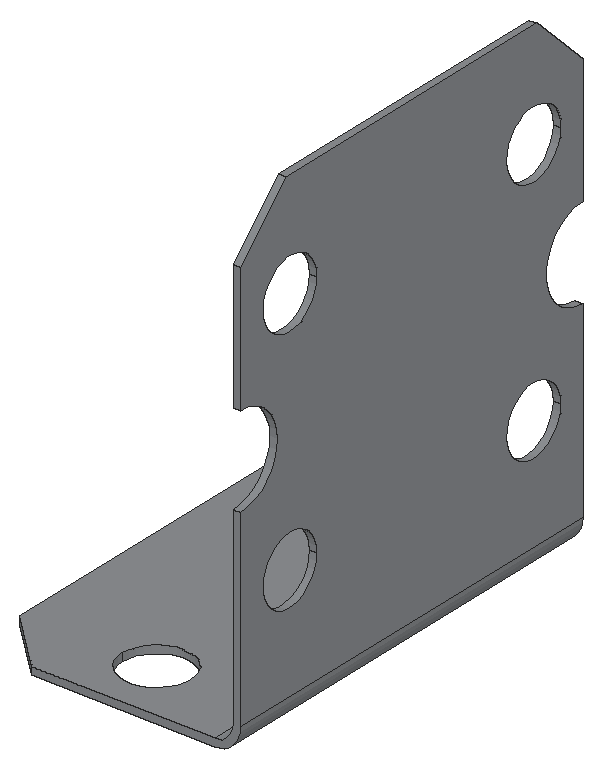
Revit family "Connection-Cleat Plate-Steel & Tube-HST General Purpose", category Structural Connections, host Face, Revit 2018
Family settings
  Host = Face
  Material for Model Behavior = Steel
  OmniClass Number = 23.25.05.17.11
  OmniClass Title = Column Bases
  Enable cutting in views = Yes
  Cut with Voids When Loaded = No
  Shared = Yes
Parameters (values of type "HST150")
  d = if(Beam Size = 152 mm, 65 mm, if(Beam Size = 203 mm, 75 mm, if(Beam Size = 250 mm, 85 mm, if(Beam Size = 300 mm, 95 mm, if(Beam Size = 350 mm, 105 mm, 115 mm)))))  # 65 mm
  b = if(Beam Size = 152 mm, 80 mm, if(Beam Size = 203 mm, 120 mm, if(Beam Size = 250 mm, 160 mm, if(Beam Size = 300 mm, 200 mm, if(Beam Size = 350 mm, 240 mm, 280 mm)))))  # 80 mm
  Width_ANZRS = if(Beam Size = 152 mm, 112 mm, if(Beam Size = 203 mm, 155 mm, if(Beam Size = 250 mm, 195 mm, if(Beam Size = 300 mm, 235 mm, if(Beam Size = 350 mm, 290 mm, 330 mm)))))  # 112 mm
  Uniclass2015Version = "2015"  # constant formula
  Uniclass2015Title = "Cold-formed galvanized steel sections"  # constant formula
  Uniclass2015Code = "Pr_20_76_51_21"  # constant formula
  URL = "http://www.steelandtube.co.nz"
  Type Comments = "HST Steel Purlin General Purpose Cleat - Non Structural Only"  # constant formula
  SpecificationReference = "3411ST"  # constant formula
  SpecificationDescription = "Steel & Tube Purlins & Girts"  # constant formula
  PlateThickness_ANZRS = 2 mm  # constant formula
  ModifiedIssue_ANZRS = 20160520.01  # constant formula
  Model = if(Beam Size = 152 mm, "HST150", if(Beam Size = 203 mm, "HST200", if(Beam Size = 250 mm, "HST250", if(Beam Size = 300 mm, "HST300", if(Beam Size = 350 mm, "HST350", "HST400")))))  # "HST150"
  Material_ANZRS = Metal-Steel-450MPa
  Material Standard = "Steel & Tube’s HST purlins and Girts profiles are manufactured from materials conforming to AS1397:2011"  # constant formula
  ManufacturerURL = "http://www.steelandtube.co.nz"
  ManufacturerName = Manufacturer  # "Steel & Tube"
  Manufacturer = "Steel & Tube"  # constant formula
  Length_ANZRS = 70 mm  # constant formula
  Height_ANZRS = if(Beam Size = 152 mm, 130 mm, if(Beam Size = 203 mm, 130 mm, if(Beam Size = 250 mm, 150 mm, if(Beam Size = 300 mm, 150 mm, if(Beam Size = 350 mm, 180 mm, 180 mm)))))  # 130 mm
  Disclaimer [instance] = "Steel & Tube makes no representations or warranties about the information in this document, including (but not limited to) whether the information, and any materials referred to, are fit for purpose. The user is responsible for ensuring that the information, and any materials referred to, are fit for the purpose for which they are intended to be used. Except as required by law, Steel & Tube is not liable for any cost, loss, claim or expense incurred by any person as a result of any person using or relying on the information in this document."  # constant formula
  Design Standard = "Steel & Tube’s HST purlins and Girts profiles are designed in accordance with AS/NZS 4600:2005."  # constant formula
  Design Instruction = "All the design information should be cross referenced with the current Steel & Tube Purlins and Girts design guide, and AS/NZS 4600:2005"  # constant formula
  Description = "HST Steel Purlins and Girts are high strength lipped profile sections, providing an economic solution for your building project."  # constant formula
  Default Elevation = 0 mm
  CreatedBy_ANZRS = "Design Content"  # constant formula
  CreatedByURL_ANZRS = "http://www.designcontent.com.au"
  CBIDescription = "Structural steelwork"  # constant formula
  CBICode = "3411"  # constant formula
  Beam Size = 152 mm
  Assembly Code = "B1020230"
Reference planes
  plane 1 "Center (Front/Back)": y = 0
  plane 2: z = 0
  plane 3 "Center (Left/Right)": x = 0
  plane 4 "Beam Top": y = 56
  plane 5 "Beam Bottom": y = -56
  plane 6: z = 2
  plane 7 "Left": x = -35
  plane 8 "Right": x = 35
  plane 9: x = 33
  plane 10: y = 40
  plane 11: y = -40
  plane 12 "Top": z = 130
  plane 13 "Internal Bolts": z = 37
  plane 14 "External Bolts": z = 102
Forms (mm)
  Extrusion 1, solid, material "Metal-Steel-450MPa" <- "Material_ANZRS", detail levels medium
    sketch origin (0, 0, 0) x (1, 0, 0) y (0, 0, 1)
      loop
        line (-35, 2) -> (-35, 0) -> (35, 0) -> (35, 130) -> (33, 130) -> (33, 2) -> (-35, 2)
    from -56 to 56
  Extrusion 2, solid, material "Metal-Steel-450MPa" <- "Material_ANZRS", detail levels fine
    sketch origin (0, 0, 0) x (1, 0, 0) y (0, 0, 1)
      loop
        line (-35, 2) -> (-35, 0) -> (28, 0)
        arc (28, 0) -> (32.95, 2.05) -> (35, 7) r 7
        line (35, 7) -> (35, 130) -> (33, 130) -> (33, 7)
        arc (33, 7) -> (31.536, 3.464) -> (28, 2) r 5
        line (28, 2) -> (-35, 2)
    from -56 to 56
  Extrusion 3, void
    sketch origin (0, 0, 0) x (1, 0, 0) y (0, 1, 0)
      loop
        line (-35, 56) -> (-35, 41) -> (-20, 56) -> (-35, 56)
      loop
        line (-35, -56) -> (-20, -56) -> (-35, -41) -> (-35, -56)
      loop
        circle (0, 40) r 9
      loop
        circle (0, -40) r 9
    from 0 to 2
  Extrusion 4, void
    sketch origin (0, 0, 0) x (0, 1, 0) y (0, 0, 1)
      loop
        circle (40, 102) r 9
      loop
        circle (40, 37) r 9
      loop
        circle (-40, 37) r 9
      loop
        circle (-40, 102) r 9
    from 33 to 35
  Extrusion 5, void
    sketch origin (0, 0, 0) x (0, 1, 0) y (0, 0, 1)
      loop
        line (-56, 130) -> (-56, 115) -> (-41, 130) -> (-56, 130)
      loop
        line (56, 130) -> (41, 130) -> (56, 115) -> (56, 130)
      loop
        arc (56, 81.5) -> (44, 69.5) -> (56, 57.5) r 12
        line (56, 57.5) -> (56, 81.5)
      loop
        line (-56, 81.5) -> (-56, 57.5)
        arc (-56, 57.5) -> (-44, 69.5) -> (-56, 81.5) r 12
    from 33 to 35
Cuts and joins
  Extrusion 3, Extrusion 4, Extrusion 5 cuts Extrusion 2
Dimensions and locks
  equal spacing: plane 5 "Beam Bottom", plane 1 "Center (Front/Back)", plane 4 "Beam Top"
  "Width_ANZRS": plane 5 "Beam Bottom" to plane 4 "Beam Top"
  "PlateThickness_ANZRS": plane 6 to plane 2
  equal spacing: plane 7 "Left", plane 3 "Center (Left/Right)", plane 8 "Right"
  "Length_ANZRS": plane 7 "Left" to plane 8 "Right"
  "PlateThickness_ANZRS": plane 9 to plane 8 "Right"
  equal spacing: plane 11, plane 1 "Center (Front/Back)", plane 10
  "b": plane 11 to plane 10
  "Height_ANZRS": plane 12 "Top" to plane 2
  locked: plane 13 "Internal Bolts" to plane 6 at 35
  "d": plane 14 "External Bolts" to plane 13 "Internal Bolts"
  locked: Extrusion 3 sketch curve to plane 4 "Beam Top" at 15
  locked: plane 5 "Beam Bottom" to Extrusion 3 sketch curve at 15
  locked: plane 7 "Left" to Extrusion 3 sketch curve at 15  (x2)
  plane 12 "Top" to Extrusion 5 sketch curve to Extrusion 5 sketch curve = 15 mm locked, 0 mm locked
  locked: plane 4 "Beam Top" to Extrusion 5 sketch curve at 15
  locked: Extrusion 5 sketch curve to plane 5 "Beam Bottom" at 15
  equal spacing: plane 14 "External Bolts", Extrusion 5 sketch curve, plane 13 "Internal Bolts"  (x2)
  radius of Extrusion 2 sketch curve = 5 mm
  aligned and locked: plane 2 to host face
  aligned and locked: level to host face
  aligned and locked: Extrusion 1 sketch curve to plane 6
  aligned and locked: plane 2 to Extrusion 1 sketch curve
  aligned and locked: Extrusion 1 sketch curve to plane 7 "Left"
  aligned and locked: plane 9 to Extrusion 1 sketch curve
  aligned and locked: Extrusion 1 sketch curve to plane 8 "Right"
  aligned and locked: Extrusion 1 sketch curve to plane 12 "Top"
  aligned and locked: Extrusion 1 to plane 4 "Beam Top"
  aligned and locked: plane 5 "Beam Bottom" to Extrusion 1
  aligned and locked: plane 7 "Left" to Extrusion 2 sketch curve
  aligned and locked: Extrusion 2 sketch curve to plane 6
  aligned and locked: plane 2 to Extrusion 2 sketch curve
  aligned and locked: plane 9 to Extrusion 2 sketch curve
  aligned and locked: Extrusion 2 sketch curve to plane 8 "Right"
  aligned and locked: Extrusion 2 sketch curve to plane 12 "Top"
  aligned and locked: Extrusion 2 to plane 4 "Beam Top"
  aligned and locked: plane 5 "Beam Bottom" to Extrusion 2
  aligned and locked: plane 10 to Extrusion 3 sketch curve
  aligned and locked: plane 3 "Center (Left/Right)" to Extrusion 3 sketch curve  (x2)
  aligned and locked: plane 11 to Extrusion 3 sketch curve
  aligned and locked: Extrusion 3 sketch curve to plane 5 "Beam Bottom"
  aligned and locked: plane 7 "Left" to Extrusion 3 sketch curve
  aligned and locked: Extrusion 3 sketch curve to plane 7 "Left"
  aligned and locked: Extrusion 3 sketch curve to plane 4 "Beam Top"
  aligned and locked: Extrusion 3 to level
  aligned and locked: plane 6 to Extrusion 3
  aligned and locked: plane 10 to Extrusion 4 sketch curve  (x2)
  aligned and locked: plane 11 to Extrusion 4 sketch curve  (x2)
  aligned and locked: plane 14 "External Bolts" to Extrusion 4 sketch curve  (x2)
  aligned and locked: plane 13 "Internal Bolts" to Extrusion 4 sketch curve  (x2)
  aligned and locked: Extrusion 4 to plane 9
  aligned and locked: plane 8 "Right" to Extrusion 4
  aligned and locked: Extrusion 5 sketch curve to plane 4 "Beam Top"  (x2)
  aligned and locked: plane 12 "Top" to Extrusion 5 sketch curve
  aligned and locked: Extrusion 5 sketch curve to plane 12 "Top"
  aligned and locked: Extrusion 5 sketch curve to plane 5 "Beam Bottom"  (x2)
  aligned and locked: plane 5 "Beam Bottom" to Extrusion 5 sketch curve
  aligned and locked: plane 4 "Beam Top" to Extrusion 5 sketch curve
  aligned and locked: Extrusion 5 to plane 9
  aligned and locked: plane 8 "Right" to Extrusion 5
Automatic sketch dimensions
  host sketch curve to host sketch curve = 2438.4 mm  (x2)
  Extrusion 2 sketch curve to Extrusion 2 sketch curve = 0 mm
  Extrusion 5 sketch curve to Extrusion 5 sketch curve = 12 mm  (x2)
  radius of Extrusion 3 sketch curve = 9 mm  (x2)
  radius of Extrusion 4 sketch curve = 9 mm  (x4)
Types in the file's own list only (5): name | d | b | Width_ANZRS | ModifiedIssue_ANZRS | Model | Height_ANZRS | Beam Size
  HST200 | 75 mm | 120 mm | 155 mm | 20160520.01 $ | "HST200" | 130 mm | 203 mm
  HST250 | 85 mm | 160 mm | 195 mm | 20160520.01 $ | "HST250" | 150 mm | 250 mm
  HST300 | 95 mm | 200 mm | 235 mm | 20160520.01 $ | "HST300" | 150 mm | 300 mm
  HST350 | 105 mm | 240 mm | 290 mm | 20160520.01 $ | "HST350" | 180 mm | 350 mm
  HST400 | 115 mm | 280 mm | 330 mm | 20160520.01 $ | "HST400" | 180 mm | 400 mm
